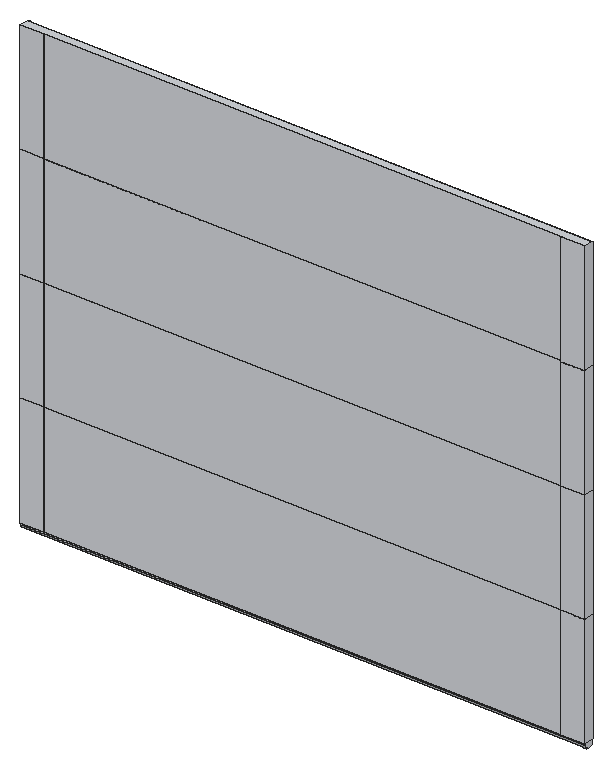
Revit family "Door_Overhead-Sectional_WayneDalton_ThermoMark-High-Lift", category Doors, host Wall, Revit 2014
Parameters (values of type "as Specified")
  Window Frame Material [instance] = none
  Width = 0' - 0"  # constant formula
  Warranty Duration (Years) = 0
  Unit Width [instance] = 10' - 0"
  Unit Height [instance] = 8' - 0"
  URL = ""
  Type Comments = "Customize Panel with parameters and Panel Section instance parameters."  # constant formula
  Thickness = 0' - 0"  # constant formula
  Thermolite Vision Lite Width [instance] = 2' - 0"
  Thermolite Vision Lite Height [instance] = 1' - 1"
  Specification = ""
  Specific Section Heights [instance] = not(Generic_Evenly Divided Sections)  # no
  SpecWizard = ""
  Send Message = ""
  Section Panel L Height_Control [instance] = if(not(Panel L Visibility), 0' 6", if(Generic_Evenly Divided Sections, (Unit Height - Bottom Seal Height) / Number of Sections, Section Panel L Height))  # 0' - 6"
  Section Panel L Height [instance] = 1' - 9"
  Section Panel K Height_Control [instance] = if(not(Panel K Visibility), 0' 6", if(Generic_Evenly Divided Sections, (Unit Height - Bottom Seal Height) / Number of Sections, Section Panel K Height))  # 0' - 6"
  Section Panel K Height [instance] = 1' - 9"
  Section Panel J Height_Control [instance] = if(not(Panel J Visibility), 0' 6", if(Generic_Evenly Divided Sections, (Unit Height - Bottom Seal Height) / Number of Sections, Section Panel J Height))  # 0' - 6"
  Section Panel J Height [instance] = 1' - 9"
  Section Panel I Height_Control [instance] = if(not(Panel I Visibility), 0' 6", if(Generic_Evenly Divided Sections, (Unit Height - Bottom Seal Height) / Number of Sections, Section Panel I Height))  # 0' - 6"
  Section Panel I Height [instance] = 1' - 9"
  Section Panel H Height_Control [instance] = if(not(Panel H Visibility), 0' 6", if(Generic_Evenly Divided Sections, (Unit Height - Bottom Seal Height) / Number of Sections, Section Panel H Height))  # 0' - 6"
  Section Panel H Height [instance] = 1' - 9"
  Section Panel G Height_Control [instance] = if(not(Panel G Visibility), 0' 6", if(Generic_Evenly Divided Sections, (Unit Height - Bottom Seal Height) / Number of Sections, Section Panel G Height))  # 0' - 6"
  Section Panel G Height [instance] = 1' - 9"
  Section Panel F Height_Control [instance] = if(not(Panel F Visibility), 0' 6", if(Generic_Evenly Divided Sections, (Unit Height - Bottom Seal Height) / Number of Sections, Section Panel F Height))  # 0' - 6"
  Section Panel F Height [instance] = 1' - 9"
  Section Panel E Height_Control [instance] = if(not(Panel E Visibility), 0' 6", if(Generic_Evenly Divided Sections, (Unit Height - Bottom Seal Height) / Number of Sections, Section Panel E Height))  # 0' - 6"
  Section Panel E Height [instance] = 1' - 9"
  Section Panel D Height_Control [instance] = if(not(Panel D Visibility), 0' 6", if(Generic_Evenly Divided Sections, (Unit Height - Bottom Seal Height) / Number of Sections, Section Panel D Height))  # 1' - 11 11/16"
  Section Panel D Height [instance] = 1' - 9"
  Section Panel C Height_Control [instance] = if(not(Panel C Visibility), 0' 6", if(Generic_Evenly Divided Sections, (Unit Height - Bottom Seal Height) / Number of Sections, Section Panel C Height))  # 1' - 11 11/16"
  Section Panel C Height [instance] = 1' - 9"
  Section Panel B Height_Control [instance] = if(not(Panel B Visibility), 0' 6", if(Generic_Evenly Divided Sections, (Unit Height - Bottom Seal Height) / Number of Sections, Section Panel B Height))  # 1' - 11 11/16"
  Section Panel B Height [instance] = 1' - 9"
  Section Panel A Height_Control [instance] = if(not(Panel A Visibility), 0' 6", if(Generic_Evenly Divided Sections, (Unit Height - Bottom Seal Height) / Number of Sections, Section Panel A Height))  # 1' - 11 11/16"
  Section Panel A Height [instance] = 1' - 9"
  Seal Color [instance] = none
  Sales Information = ""
  Rough Width = 0' - 0"  # constant formula
  Rough Height = 0' - 0"  # constant formula
  Revision = "R1_2016-07"
  Product Properties = ""
  Product Data = ""
  Panel Thickness [instance] = 0' - 2"
  Panel L Visibility [instance] = Number of Sections > 11  # no
  Panel L Type [instance] = ThermoMarkSection : as Specified
  Panel K Visibility [instance] = Number of Sections > 10  # no
  Panel K Type [instance] = ThermoMarkSection : as Specified
  Panel J Visibility [instance] = Number of Sections > 9  # no
  Panel J Type [instance] = ThermoMarkSection : as Specified
  Panel I Visibility [instance] = Number of Sections > 8  # no
  Panel I Type [instance] = ThermoMarkSection : as Specified
  Panel H Visibility [instance] = Number of Sections > 7  # no
  Panel H Type [instance] = ThermoMarkSection : as Specified
  Panel G Visibility [instance] = Number of Sections > 6  # no
  Panel G Type [instance] = ThermoMarkSection : as Specified
  Panel F Visibility [instance] = Number of Sections > 5  # no
  Panel F Type [instance] = ThermoMarkSection : as Specified
  Panel E Visibility [instance] = Number of Sections > 4  # no
  Panel E Type [instance] = ThermoMarkSection : as Specified
  Panel D Visibility [instance] = Number of Sections > 3  # yes
  Panel D Type [instance] = ThermoMarkSection : as Specified
  Panel C Visibility [instance] = Number of Sections > 2  # yes
  Panel C Type [instance] = ThermoMarkSection : as Specified
  Panel B Visibility [instance] = Number of Sections > 1  # yes
  Panel B Type [instance] = ThermoMarkSection : as Specified
  Panel A Visibility [instance] = Number of Sections > 0  # yes
  Panel A Type [instance] = ThermoMarkSection : as Specified
  Number of Sections [instance] = if(Unit Height < 8' 2", 4 + Additional Custom Section, if(Unit Height < 10' 2", 5, if(Unit Height < 12' 2", 6, if(Unit Height < 14' 2", 7, if(Unit Height < 16' 2", 8, if(Unit Height < 18' 2", 9, if(Unit Height < 20' 2", 10, 10)))))))  # 4
  Notes B [instance] = "Save new door panels as their own families if necessary"  # constant formula
  Notes [instance] = "Instance parameters are in vision panels for additional options"  # constant formula
  Model = ""
  Manufacturer Website = ""
  Manufacturer Phone - Toll Free = ""
  Manufacturer Phone = ""
  Manufacturer Fax = ""
  Manufacturer Address = ""
  Manufacturer = ""
  Maintenance Schedule (Months) = 0
  Keynote = ""
  Interior Finish [instance] = none
  Installation-Fabrication = ""
  Installation Phase = ""
  Height = 0' - 0"  # constant formula
  Green Building-LEED = ""
  Glazing Type [instance] = "as Specified"
  Glazing Tint [instance] = none
  Glazing Thickness [instance] = 0' - 0 1/4"
  Generic_Evenly Divided Sections [instance] = yes
  Exterior Finish [instance] = none
  Expected Lifespan (Years) = 0
  End Stile Width [instance] = 0' - 5"
  Drawn By = "Sumex Design, Inc. / Robert S. Weygant, CSI, CDT, SCIP"
  Description = ""
  Default Elevation = 0' - 0"  # constant formula
  Cost = 0
  Copyright = "©Arcat Inc."
  Construction Details = ""
  Bottom Seal Height [instance] = 0' - 1 1/4"
  Assembly Code = "B2030410"
  Analytic Construction = "<None>"
  Additional Custom Section [instance] = 0
Reference planes (in)
  plane 1 "Center (Front/Back)": y = 0
  plane 2 "Bottom": z = 0
  plane 3 "Center (Left/Right)": x = 0
  plane 4 "Left": x = -60
  plane 5 "Right": x = 60
  plane 6: z = 24.9375
  plane 7: z = 48.625
  plane 8: z = 72.3125
  plane 9: z = 96
  plane 10: z = 102
  plane 11: z = 108
  plane 12: z = 114
  plane 13: z = 120
  plane 14: z = 1.25
  plane 15: y = -2
  plane 16: z = 126
  plane 17: z = 132
  plane 18: z = 138
  plane 19: z = 144
Forms (in)
  Extrusion 1, solid, material <- "Seal Color"
    sketch origin (0, 0, 0) x (0, 1, 0) y (0, 0, 1)
      loop
        line (-0.125, 0.75) -> (-0.125, 1.25) -> (-1.875, 1.25) -> (-1.875, 0.75)
        spline (-1.875, 0.75) -> (-1.84519, 0.55589) -> (-1.75777, 0.375) -> (-1.61872, 0.21967) -> (-1.4375, 0.10048) -> (-1.22647, 0.02556) -> (-1, 0) -> (-0.77353, 0.02556) -> (-0.5625, 0.10048) -> (-0.38128, 0.21967) -> (-0.24223, 0.375) -> (-0.15481, 0.55589) -> (-0.125, 0.75)
    from -60 to 60
Dimensions and locks (in)
  equal spacing: plane 4 "Left", plane 3 "Center (Left/Right)", plane 5 "Right"
  "Unit Width": plane 4 "Left" to plane 5 "Right"
  "Section Panel A Height_Control": plane 6 to plane 14
  "Section Panel B Height_Control": plane 7 to plane 6
  "Section Panel C Height_Control": plane 8 to plane 7
  "Section Panel D Height_Control": plane 9 to plane 8
  "Section Panel E Height_Control": plane 10 to plane 9
  "Section Panel F Height_Control": plane 11 to plane 10
  "Section Panel G Height_Control": plane 12 to plane 11
  "Section Panel H Height_Control": plane 13 to plane 12
  "Bottom Seal Height": plane 14 to plane 2 "Bottom"
  locked: plane 14 to Extrusion 1 sketch curve at 0.5  (x2)
  locked: plane 2 "Bottom" to Extrusion 1 sketch curve at 0
  locked: Extrusion 1 sketch curve to plane 1 "Center (Front/Back)" at 0.125
  "Panel Thickness": plane 15 to plane 1 "Center (Front/Back)"
  locked: plane 15 to Extrusion 1 sketch curve at 0.125
  "Section Panel I Height_Control": plane 16 to plane 13
  "Section Panel J Height_Control": plane 17 to plane 16
  "Section Panel K Height_Control": plane 18 to plane 17
  "Section Panel L Height_Control": plane 19 to plane 18
  aligned and locked: plane 3 "Center (Left/Right)" to nested 1
  aligned and locked: plane 1 "Center (Front/Back)" to nested 1
  aligned and locked: plane 1 "Center (Front/Back)" to nested 2
  aligned and locked: plane 1 "Center (Front/Back)" to nested 3
  aligned and locked: nested 4 to plane 1 "Center (Front/Back)"
  aligned and locked: nested 5 to plane 1 "Center (Front/Back)"
  aligned and locked: nested 6 to plane 1 "Center (Front/Back)"
  aligned and locked: nested 7 to plane 1 "Center (Front/Back)"
  aligned and locked: nested 8 to plane 1 "Center (Front/Back)"
  aligned and locked: plane 3 "Center (Left/Right)" to nested 8
  aligned and locked: plane 3 "Center (Left/Right)" to nested 7
  aligned and locked: plane 3 "Center (Left/Right)" to nested 6
  aligned and locked: plane 3 "Center (Left/Right)" to nested 5
  aligned and locked: plane 3 "Center (Left/Right)" to nested 4
  aligned and locked: plane 3 "Center (Left/Right)" to nested 3
  aligned and locked: plane 3 "Center (Left/Right)" to nested 2
  aligned and locked: Extrusion 1 sketch curve to plane 14
  aligned and locked: plane 5 "Right" to Extrusion 1
  aligned and locked: Extrusion 1 to plane 4 "Left"
Nested families (in)
  nested 1: "ThermoMarkSection" at (0, 0, 1.25), visible <- "Panel A Visibility", type <- "Panel A Type", End Stile Width <- "End Stile Width", Viewport Glazing <- "Glazing Tint", Viewport Finish <- "Window Frame Material", Panel Material_Interior <- "Interior Finish", Panel Material_Exterior <- "Exterior Finish", Unit Width <- "Unit Width", Unit Depth <- "Panel Thickness", Unit Height <- "Section Panel A Height_Control", Glazing Thickness <- "Glazing Thickness", Vision Lite Width <- "Thermolite Vision Lite Width", Vision Lite Height <- "Thermolite Vision Lite Height", type "as Specified"
    with Vision Lite Width 2' - 0", Vision Lite Height 1' - 1", Viewport Glazing none, Viewport Finish none, Unit Width 10' - 0", Unit Height 1' - 11 11/16", Unit Depth 0' - 2", Panel Material_Interior none, Panel Material_Inset Panel none, Panel Material_Exterior none, Glazing Thickness 0' - 0 1/4", End Stile Width 0' - 5"
  nested 2: "ThermoMarkSection" at (0, 0, 24.9375), visible <- "Panel B Visibility", type <- "Panel B Type", End Stile Width <- "End Stile Width", Viewport Glazing <- "Glazing Tint", Viewport Finish <- "Window Frame Material", Panel Material_Interior <- "Interior Finish", Panel Material_Exterior <- "Exterior Finish", Unit Width <- "Unit Width", Unit Depth <- "Panel Thickness", Unit Height <- "Section Panel B Height_Control", Glazing Thickness <- "Glazing Thickness", Vision Lite Width <- "Thermolite Vision Lite Width", Vision Lite Height <- "Thermolite Vision Lite Height", type "as Specified"
    with Vision Lite Width 2' - 0", Vision Lite Height 1' - 1", Viewport Glazing none, Viewport Finish none, Unit Width 10' - 0", Unit Height 1' - 11 11/16", Unit Depth 0' - 2", Panel Material_Interior none, Panel Material_Inset Panel none, Panel Material_Exterior none, Glazing Thickness 0' - 0 1/4", End Stile Width 0' - 5"
  nested 3: "ThermoMarkSection" at (0, 0, 48.625), visible <- "Panel C Visibility", type <- "Panel C Type", End Stile Width <- "End Stile Width", Viewport Glazing <- "Glazing Tint", Viewport Finish <- "Window Frame Material", Panel Material_Interior <- "Interior Finish", Panel Material_Exterior <- "Exterior Finish", Unit Width <- "Unit Width", Unit Depth <- "Panel Thickness", Unit Height <- "Section Panel C Height_Control", Glazing Thickness <- "Glazing Thickness", Vision Lite Width <- "Thermolite Vision Lite Width", Vision Lite Height <- "Thermolite Vision Lite Height", type "as Specified"
    with Vision Lite Width 2' - 0", Vision Lite Height 1' - 1", Viewport Glazing none, Viewport Finish none, Unit Width 10' - 0", Unit Height 1' - 11 11/16", Unit Depth 0' - 2", Panel Material_Interior none, Panel Material_Inset Panel none, Panel Material_Exterior none, Glazing Thickness 0' - 0 1/4", End Stile Width 0' - 5"
  nested 4: "ThermoMarkSection" at (0, 0, 72.3125), visible <- "Panel D Visibility", type <- "Panel D Type", End Stile Width <- "End Stile Width", Viewport Glazing <- "Glazing Tint", Viewport Finish <- "Window Frame Material", Panel Material_Interior <- "Interior Finish", Panel Material_Exterior <- "Exterior Finish", Unit Width <- "Unit Width", Unit Depth <- "Panel Thickness", Unit Height <- "Section Panel D Height_Control", Glazing Thickness <- "Glazing Thickness", Vision Lite Width <- "Thermolite Vision Lite Width", Vision Lite Height <- "Thermolite Vision Lite Height", type "as Specified"
    with Vision Lite Width 2' - 0", Vision Lite Height 1' - 1", Viewport Glazing none, Viewport Finish none, Unit Width 10' - 0", Unit Height 1' - 11 11/16", Unit Depth 0' - 2", Panel Material_Interior none, Panel Material_Inset Panel none, Panel Material_Exterior none, Glazing Thickness 0' - 0 1/4", End Stile Width 0' - 5"
  nested 5: "ThermoMarkSection" at (0, 0, 96), visible <- "Panel E Visibility", type <- "Panel E Type", End Stile Width <- "End Stile Width", Viewport Glazing <- "Glazing Tint", Viewport Finish <- "Window Frame Material", Panel Material_Interior <- "Interior Finish", Panel Material_Exterior <- "Exterior Finish", Unit Width <- "Unit Width", Unit Depth <- "Panel Thickness", Unit Height <- "Section Panel E Height_Control", Glazing Thickness <- "Glazing Thickness", Vision Lite Width <- "Thermolite Vision Lite Width", Vision Lite Height <- "Thermolite Vision Lite Height", type "as Specified"
    with Vision Lite Width 2' - 0", Vision Lite Height 1' - 1", Viewport Glazing none, Viewport Finish none, Unit Width 10' - 0", Unit Height 0' - 6", Unit Depth 0' - 2", Panel Material_Interior none, Panel Material_Inset Panel none, Panel Material_Exterior none, Glazing Thickness 0' - 0 1/4", End Stile Width 0' - 5"
  nested 6: "ThermoMarkSection" at (0, 0, 102), visible <- "Panel F Visibility", type <- "Panel F Type", End Stile Width <- "End Stile Width", Viewport Glazing <- "Glazing Tint", Viewport Finish <- "Window Frame Material", Panel Material_Interior <- "Interior Finish", Panel Material_Exterior <- "Exterior Finish", Unit Width <- "Unit Width", Unit Depth <- "Panel Thickness", Unit Height <- "Section Panel F Height_Control", Glazing Thickness <- "Glazing Thickness", Vision Lite Width <- "Thermolite Vision Lite Width", Vision Lite Height <- "Thermolite Vision Lite Height", type "as Specified"
    with Vision Lite Width 2' - 0", Vision Lite Height 1' - 1", Viewport Glazing none, Viewport Finish none, Unit Width 10' - 0", Unit Height 0' - 6", Unit Depth 0' - 2", Panel Material_Interior none, Panel Material_Inset Panel none, Panel Material_Exterior none, Glazing Thickness 0' - 0 1/4", End Stile Width 0' - 5"
  nested 7: "ThermoMarkSection" at (0, 0, 108), visible <- "Panel G Visibility", type <- "Panel G Type", End Stile Width <- "End Stile Width", Viewport Glazing <- "Glazing Tint", Viewport Finish <- "Window Frame Material", Panel Material_Interior <- "Interior Finish", Panel Material_Exterior <- "Exterior Finish", Unit Width <- "Unit Width", Unit Depth <- "Panel Thickness", Unit Height <- "Section Panel G Height_Control", Glazing Thickness <- "Glazing Thickness", Vision Lite Width <- "Thermolite Vision Lite Width", Vision Lite Height <- "Thermolite Vision Lite Height", type "as Specified"
    with Vision Lite Width 2' - 0", Vision Lite Height 1' - 1", Viewport Glazing none, Viewport Finish none, Unit Width 10' - 0", Unit Height 0' - 6", Unit Depth 0' - 2", Panel Material_Interior none, Panel Material_Inset Panel none, Panel Material_Exterior none, Glazing Thickness 0' - 0 1/4", End Stile Width 0' - 5"
  nested 8: "ThermoMarkSection" at (0, 0, 114), visible <- "Panel H Visibility", type <- "Panel H Type", End Stile Width <- "End Stile Width", Viewport Glazing <- "Glazing Tint", Viewport Finish <- "Window Frame Material", Panel Material_Interior <- "Interior Finish", Panel Material_Exterior <- "Exterior Finish", Unit Width <- "Unit Width", Unit Depth <- "Panel Thickness", Unit Height <- "Section Panel H Height_Control", Glazing Thickness <- "Glazing Thickness", Vision Lite Width <- "Thermolite Vision Lite Width", Vision Lite Height <- "Thermolite Vision Lite Height", type "as Specified"
    with Vision Lite Width 2' - 0", Vision Lite Height 1' - 1", Viewport Glazing none, Viewport Finish none, Unit Width 10' - 0", Unit Height 0' - 6", Unit Depth 0' - 2", Panel Material_Interior none, Panel Material_Inset Panel none, Panel Material_Exterior none, Glazing Thickness 0' - 0 1/4", End Stile Width 0' - 5"
  nested 9: "ThermoMarkSection" at (0, 0, 120), visible <- "Panel I Visibility", type <- "Panel I Type", End Stile Width <- "End Stile Width", Viewport Glazing <- "Glazing Tint", Viewport Finish <- "Window Frame Material", Panel Material_Interior <- "Interior Finish", Panel Material_Exterior <- "Exterior Finish", Unit Width <- "Unit Width", Unit Depth <- "Panel Thickness", Unit Height <- "Section Panel I Height_Control", Glazing Thickness <- "Glazing Thickness", Vision Lite Width <- "Thermolite Vision Lite Width", Vision Lite Height <- "Thermolite Vision Lite Height", type "as Specified"
    with Vision Lite Width 2' - 0", Vision Lite Height 1' - 1", Viewport Glazing none, Viewport Finish none, Unit Width 10' - 0", Unit Height 0' - 6", Unit Depth 0' - 2", Panel Material_Interior none, Panel Material_Inset Panel none, Panel Material_Exterior none, Glazing Thickness 0' - 0 1/4", End Stile Width 0' - 5"
  nested 10: "ThermoMarkSection" at (0, 0, 126), visible <- "Panel J Visibility", type <- "Panel J Type", End Stile Width <- "End Stile Width", Viewport Glazing <- "Glazing Tint", Viewport Finish <- "Window Frame Material", Panel Material_Interior <- "Interior Finish", Panel Material_Exterior <- "Exterior Finish", Unit Width <- "Unit Width", Unit Depth <- "Panel Thickness", Unit Height <- "Section Panel J Height_Control", Glazing Thickness <- "Glazing Thickness", Vision Lite Width <- "Thermolite Vision Lite Width", Vision Lite Height <- "Thermolite Vision Lite Height", type "as Specified"
    with Vision Lite Width 2' - 0", Vision Lite Height 1' - 1", Viewport Glazing none, Viewport Finish none, Unit Width 10' - 0", Unit Height 0' - 6", Unit Depth 0' - 2", Panel Material_Interior none, Panel Material_Inset Panel none, Panel Material_Exterior none, Glazing Thickness 0' - 0 1/4", End Stile Width 0' - 5"
  nested 11: "ThermoMarkSection" at (0, 0, 132), visible <- "Panel K Visibility", type <- "Panel J Type", End Stile Width <- "End Stile Width", Viewport Glazing <- "Glazing Tint", Viewport Finish <- "Window Frame Material", Panel Material_Interior <- "Interior Finish", Panel Material_Exterior <- "Exterior Finish", Unit Width <- "Unit Width", Unit Depth <- "Panel Thickness", Unit Height <- "Section Panel K Height_Control", Glazing Thickness <- "Glazing Thickness", Vision Lite Width <- "Thermolite Vision Lite Width", Vision Lite Height <- "Thermolite Vision Lite Height", type "as Specified"
    with Vision Lite Width 2' - 0", Vision Lite Height 1' - 1", Viewport Glazing none, Viewport Finish none, Unit Width 10' - 0", Unit Height 0' - 6", Unit Depth 0' - 2", Panel Material_Interior none, Panel Material_Inset Panel none, Panel Material_Exterior none, Glazing Thickness 0' - 0 1/4", End Stile Width 0' - 5"
  nested 12: "ThermoMarkSection" at (0, 0, 138), visible <- "Panel L Visibility", type <- "Panel J Type", End Stile Width <- "End Stile Width", Viewport Glazing <- "Glazing Tint", Viewport Finish <- "Window Frame Material", Panel Material_Interior <- "Interior Finish", Panel Material_Exterior <- "Exterior Finish", Unit Width <- "Unit Width", Unit Depth <- "Panel Thickness", Unit Height <- "Section Panel L Height_Control", Glazing Thickness <- "Glazing Thickness", Vision Lite Width <- "Thermolite Vision Lite Width", Vision Lite Height <- "Thermolite Vision Lite Height", type "as Specified"
    with Vision Lite Width 2' - 0", Vision Lite Height 1' - 1", Viewport Glazing none, Viewport Finish none, Unit Width 10' - 0", Unit Height 0' - 6", Unit Depth 0' - 2", Panel Material_Interior none, Panel Material_Inset Panel none, Panel Material_Exterior none, Glazing Thickness 0' - 0 1/4", End Stile Width 0' - 5"
Definition of nested family "ThermoMarkSection"
  Parameters (values of type "as Specified")
    Vision Lite Width [instance] = 0' - 0"
    Vision Lite Height [instance] = 0' - 0"
    Viewport Glazing [instance] = none
    Unit Width [instance] = 5' - 7.06047"
    Unit Height [instance] = 1' - 9"
    Unit Depth [instance] = 0' - 2"
    Viewport Finish [instance] = none
    Panel Material_Interior [instance] = none
    Panel Material_Inset Panel [instance] = none
    Panel Material_Exterior [instance] = none
    Glazing Thickness [instance] = 0' - 0 1/4"
    End Stile Width [instance] = 0' - 3"
    Assembly Code = ""
  Reference planes (in)
    plane 1 "Center (Front/Back)": y = 0
    plane 2: z = 0
    plane 3 "Center (Left/Right)": x = 0
    plane 4: z = 21
    plane 5: y = -2
    plane 6: x = -33.53024
    plane 7: x = 33.53024
    plane 8: z = 14.5
    plane 9: z = 6.5
    plane 10: x = -30.53024
    plane 11: x = 30.53024
    plane 12: y = -0.0625
    plane 13: y = -2.0625
  Forms (in)
    Extrusion 1, solid, material <- "Panel Material_Exterior"
      sketch origin (0, 0, 0) x (0, 1, 0) y (0, 0, 1)
        loop
          line (-0.0625, 21) -> (-2, 21) -> (-2, 0) -> (-0.0625, 0) -> (-0.0625, 0.11146) -> (0, 0.11146) -> (0, 20.9375) -> (-0.0625, 20.9375) -> (-0.0625, 21)
      from -33.53024 to 33.53024
    Extrusion 2, solid, material <- "Panel Material_Exterior"
      sketch origin (0, 0, 0) x (1, 0, 0) y (0, 0, 1)
        loop
          line (-33.53024, 21) -> (-33.53024, 0) -> (-30.53024, 0) -> (-30.53024, 21) -> (-33.53024, 21)
        loop
          line (33.53024, 21) -> (30.53024, 21) -> (30.53024, 0) -> (33.53024, 0) -> (33.53024, 21)
      from 0.0625 to 2.0625
  Cuts and joins
    joined: Extrusion 1, Extrusion 2
  Dimensions and locks (in)
    "Unit Height": plane 4 to level
    "Unit Depth": plane 5 to plane 1 "Center (Front/Back)"
    equal spacing: plane 7, plane 3 "Center (Left/Right)", plane 6
    "Unit Width": plane 7 to plane 6
    "End Stile Width": plane 10 to plane 6
    "End Stile Width": plane 7 to plane 11
    locked: plane 4 to Extrusion 1 sketch curve at 0.0625
    locked: plane 4 to plane 8 at 6.5
    locked: plane 9 to plane 2 at 6.5
    locked: plane 12 to plane 1 "Center (Front/Back)" at 0.0625
    locked: plane 13 to plane 5 at 0.0625
    aligned and locked: plane 2 to level
    aligned and locked: Extrusion 1 to plane 6
    aligned and locked: plane 7 to Extrusion 1
    aligned and locked: Extrusion 1 sketch curve to plane 4
    aligned and locked: level to Extrusion 1 sketch curve
    aligned and locked: plane 5 to Extrusion 1 sketch curve
    aligned and locked: Extrusion 1 sketch curve to plane 1 "Center (Front/Back)"
    aligned and locked: Extrusion 2 to plane 12
    aligned and locked: plane 13 to Extrusion 2
  Automatic sketch dimensions
    Extrusion 1 sketch curve to plane 12 = 0' - 0"  (x2)
    Extrusion 1 sketch curve to Extrusion 1 sketch curve = 0' - 0.11146"
    Extrusion 2 sketch curve to level = 0' - 0"  (x2)
    Extrusion 2 sketch curve to plane 6 = 0' - 0"
    Extrusion 2 sketch curve to plane 10 = 0' - 0"
    Extrusion 2 sketch curve to plane 11 = 0' - 0"
    Extrusion 2 sketch curve to plane 7 = 0' - 0"
    Extrusion 2 sketch curve to plane 4 = 0' - 0"  (x2)
Types in the file's own list only (5): name | Visual Light Transmittance | VLT | URL | U | Thermal Resistance (R) | Standards Conformance | Specification | SpecWizard | Solar Heat Gain Coefficient | Sales Information | STC Rating | SHGC | Revision | R | Product Properties | Product Data | Panel Type | Panel Thickness | Operation | Model | Max Width | Max Height | Manufacturer Website | Manufacturer Phone - Toll Free | Manufacturer Address | Manufacturer | Keynote | Heat Transfer Coefficient (U) | Function | Fire Rating | Fire Performance | Description | Wall Closure | Cost | Construction Details | Air Infiltration
  ThermoMark 5255 | 0 | 0 | "http://www.wayne-dalton.com/" | 0.1000 BTU/(h·ft²·°F) | 16.2200 (h·ft²·°F)/BTU | "IECC  ;  ASHRAE 90.1" | "http://www.arcat.com/sdspecs/htm04/08_36_13way.htm" | "http://www.arcat.com/specwizard/08360way/index04.htm" | 0 | "http://www.wayne-dalton.com/find-a-dealer" | 20 | 0 | "R1_2017-05" | 16.2200 (h·ft²·°F)/BTU | "http://www.wayne-dalton.com/insulated-sectional-steel-doors" | "http://www.arcat.com/arcatcos/cos36/arc36462.html" | Door-Panel_Overhead-Sectional_WayneDalton_ThermoMark-5xx5 : as Specified | 0' - 1 7/8" | "as Specified" | "ThermoMark 5255" | 26' - 2" | 20' - 1" | "http://www.wayne-dalton.com/" | "1-(800) 827-3667" | "2501 S. State Highway�  121 Business,  Suite 200  Lewisville, TX 75067" | "Wayne Dalton" | "08 36 13" | 0.1000 BTU/(h·ft²·°F) | Interior | "as Specified" | "as Specified" | "Wayne Dalton Insulated Overhead Sectional Door - ThermoMark 5255 as Specified" | By host | 0.00 $ | "http://www.wayne-dalton.com/insulated-sectional-steel-doors" | "0.07 cfm/ft^2 at 15 MPH"
  ThermoMark 5155 | 0 | 0 | "http://www.wayne-dalton.com/" | 0.0825 BTU/(h·ft²·°F) | 12.1200 (h·ft²·°F)/BTU | "IECC  ;  ASHRAE 90.1" | "http://www.arcat.com/sdspecs/htm04/08_36_13way.htm" | "http://www.arcat.com/specwizard/08360way/index04.htm" | 0 | "http://www.wayne-dalton.com/find-a-dealer" | 20 | 0 | "R1_2017-05" | 12.1200 (h·ft²·°F)/BTU | "http://www.wayne-dalton.com/insulated-sectional-steel-doors" | "http://www.arcat.com/arcatcos/cos36/arc36462.html" | Door-Panel_Overhead-Sectional_WayneDalton_ThermoMark-5xx5 : as Specified | 0' - 1 3/8" | "as Specified" | "ThermoMark 5155" | 20' - 2" | 20' - 1" | "http://www.wayne-dalton.com/" | "1-(800) 827-3667" | "2501 S. State Highway�  121 Business,  Suite 200  Lewisville, TX 75067" | "Wayne Dalton" | "08 36 13" | 0.0825 BTU/(h·ft²·°F) | Interior | "as Specified" | "as Specified" | "Wayne Dalton Insulated Overhead Sectional Door - ThermoMark 5155 as Specified" | By host | 0.00 $ | "http://www.wayne-dalton.com/insulated-sectional-steel-doors" | "0.23 cfm/ft^2 at 15 MPH"
  ThermoMark 5200 | 0 | 0 | "http://www.wayne-dalton.com/" | 0.0616 BTU/(h·ft²·°F) | 16.2200 (h·ft²·°F)/BTU | "IECC  ;  ASHRAE 90.1" | "http://www.arcat.com/sdspecs/htm04/08_36_13way.htm" | "http://www.arcat.com/specwizard/08360way/index04.htm" | 0 | "http://www.wayne-dalton.com/find-a-dealer" | 20 | 0 | "R1_2017-05" | 16.2200 (h·ft²·°F)/BTU | "http://www.wayne-dalton.com/insulated-sectional-steel-doors" | "http://www.arcat.com/arcatcos/cos36/arc36462.html" | Door-Panel_Overhead-Sectional_WayneDalton_ThermoMark-5xx0 : as Specified | 0' - 1 7/8" | "as Specified" | "ThermoMark 5200" | 26' - 2" | 20' - 1" | "http://www.wayne-dalton.com/" | "1-(800) 827-3667" | "2501 S. State Highway�  121 Business,  Suite 200  Lewisville, TX 75067" | "Wayne Dalton" | "08 36 13" | 0.0616 BTU/(h·ft²·°F) | Interior | "as Specified" | "as Specified" | "Wayne Dalton Insulated Overhead Sectional Door - ThermoMark 5200 as Specified" | By host | 0.00 $ | "http://www.wayne-dalton.com/insulated-sectional-steel-doors" | "as Specified"
  ThermoMark 5150 | 0 | 0 | "http://www.wayne-dalton.com/" | 0.0825 BTU/(h·ft²·°F) | 12.1200 (h·ft²·°F)/BTU | "IECC  ;  ASHRAE 90.1" | "http://www.arcat.com/sdspecs/htm04/08_36_13way.htm" | "http://www.arcat.com/specwizard/08360way/index04.htm" | 0 | "http://www.wayne-dalton.com/find-a-dealer" | 20 | 0 | "R1_2017-05" | 12.1200 (h·ft²·°F)/BTU | "http://www.wayne-dalton.com/insulated-sectional-steel-doors" | "http://www.arcat.com/arcatcos/cos36/arc36462.html" | Door-Panel_Overhead-Sectional_WayneDalton_ThermoMark-5xx0 : as Specified | 0' - 1 3/8" | "as Specified" | "ThermoMark 5150" | 20' - 2" | 20' - 1" | "http://www.wayne-dalton.com/" | "1-(800) 827-3667" | "2501 S. State Highway�  121 Business,  Suite 200  Lewisville, TX 75067" | "Wayne Dalton" | "08 36 13" | 0.0825 BTU/(h·ft²·°F) | Interior | "as Specified" | "as Specified" | "Wayne Dalton Insulated Overhead Sectional Door - ThermoMark 5150 as Specified" | By host | 0.00 $ | "http://www.wayne-dalton.com/insulated-sectional-steel-doors" | "as Specified"
  ThermoMark 530 | 0 | 0 | "http://www.wayne-dalton.com/" | 0.1400 BTU/(h·ft²·°F) | 26.0000 (h·ft²·°F)/BTU | "IECC  ;  ASHRAE 90.1" | "http://www.arcat.com/sdspecs/htm04/08_36_13way.htm" | "http://www.arcat.com/specwizard/08360way/index04.htm" | 0 | "http://www.wayne-dalton.com/find-a-dealer" | 22 | 0 | "R1_2017-05" | 26.0000 (h·ft²·°F)/BTU | "http://www.wayne-dalton.com/insulated-sectional-steel-doors" | "http://www.arcat.com/arcatcos/cos36/arc36462.html" | Door-Panel_Overhead-Sectional_WayneDalton_ThermoMark-530 : as Specified | 0' - 3" | "as Specified" | "ThermoMark 530" | 40' - 2" | 24' - 1" | "http://www.wayne-dalton.com/" | "1-(800) 827-3667" | "2501 S. State Highway�  121 Business,  Suite 200  Lewisville, TX 75067" | "Wayne Dalton" | "08 36 13" | 0.1400 BTU/(h·ft²·°F) | Interior | "as Specified" | "as Specified" | "Wayne Dalton Insulated Overhead Sectional Door - ThermoMark 530 as Specified" | By host | 0.00 $ | "http://www.wayne-dalton.com/insulated-sectional-steel-doors" | "0.09 cfm/ft^2 at 15 MPH"
